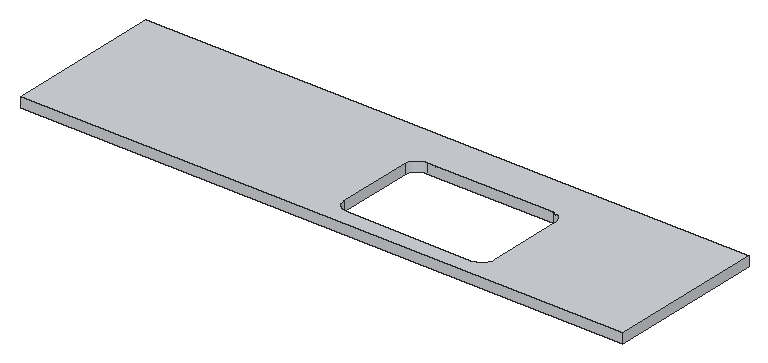
Revit family "AO_CW_UnderCounterSink", category Casework, Revit 2019
Family settings
  OmniClass Number = 23.40.35.17.47.11
  OmniClass Title = Kitchen Casework
  Work Plane-Based = No
  Always vertical = Yes
  Cut with Voids When Loaded = No
  Shared = Yes
  Room Calculation Point = No
Parameters (values of type "25" Depth")
  Wing Low Walls = no
  Sink2 [instance] = 4' - 0"
  Sink1 [instance] = 2' - 0"
  Length [instance] = 8' - 0"
  Island Low Walls = no
  Backsplash Visibility = no
  Assembly Code = "C1030400"
  Counter Thickness = 0' - 1 1/2"
  Counter Top Material = none
  Depth = 2' - 1"
  Height = 3' - 0"
Reference planes (in)
  plane 1 "Back": y = 0
  plane 2: z = 0
  plane 3 "Left": x = -47.2623
  plane 4 "Right": x = 48.7377
  plane 5 "Front": y = -25
  plane 6 "Top of Counter": z = 36
  plane 7 "Top Of Cabinet": z = 34.5
  plane 8: y = -0.75
  plane 9 "Top of Backsplash": z = 40
  plane 10: x = -46.5123
  plane 11: x = 0.7377
  plane 12: x = 24.7377
  plane 13: y = -22.5
  plane 14: y = -6.5
  plane 15: x = -46.2623
  plane 16: x = -41.5123
  plane 17: x = 47.7377
  plane 18: x = 42.9877
  plane 19: y = -24
  plane 20: y = -6
  plane 21: y = -5.75
  plane 22: z = 108
Forms (in)
  Extrusion 1, solid, material <- "Counter Top Material"
    sketch origin (0, 0, 0) x (1, 0, 0) y (0, 1, 0)
      loop
        line (-47.2623, 0) -> (-47.2623, -25) -> (48.7377, -25) -> (48.7377, 0) -> (-47.2623, 0)
      loop
        arc (2.7377, -6.5) -> (1.32349, -7.08579) -> (0.7377, -8.5) r 2
        line (0.7377, -8.5) -> (0.7377, -20.5)
        arc (0.7377, -20.5) -> (1.32349, -21.91421) -> (2.7377, -22.5) r 2
        line (2.7377, -22.5) -> (22.7377, -22.5)
        arc (22.7377, -22.5) -> (24.15192, -21.91421) -> (24.7377, -20.5) r 2
        line (24.7377, -20.5) -> (24.7377, -8.5)
        arc (24.7377, -8.5) -> (24.15192, -7.08579) -> (22.7377, -6.5) r 2
        line (22.7377, -6.5) -> (2.7377, -6.5)
    from 34.5 to 36
  Extrusion 2, solid, material <- "Counter Top Material", visible <- "Backsplash Visibility"
    sketch origin (0, 0, 0) x (1, 0, 0) y (0, 1, 0)
      loop
        line (48.7377, 0) -> (-47.2623, 0) -> (-47.2623, -0.75) -> (48.7377, -0.75) -> (48.7377, 0)
    from 36 to 40
  Extrusion 3, solid, material <- "Counter Top Material", visible <- "Backsplash Visibility"
    sketch origin (0, 0, 0) x (1, 0, 0) y (0, 1, 0)
      loop
        line (-47.2623, -0.75) -> (-47.2623, -25) -> (-46.5123, -25) -> (-46.5123, -0.75) -> (-47.2623, -0.75)
    from 36 to 40
Cuts and joins
  joined: Extrusion 2, Extrusion 3
Lines and regions (in)
  model lines, style "AO_HiddenUnderCounter", visible <- "Island Low Walls"
    curve 1: line (-41.5123, -24, 36) -> (-46.2623, -24, 36)
    curve 2: line (-46.2623, -24, 36) -> (-46.2623, -6, 36)
    curve 3: line (-46.2623, -6, 36) -> (47.7377, -6, 36)
    curve 4: line (47.7377, -6, 36) -> (47.7377, -24, 36)
    curve 5: line (47.7377, -24, 36) -> (42.9877, -24, 36)
  model lines, style "AO_HiddenUnderCounter", visible <- "Wing Low Walls"
    curve 6: line (-47.2623, -6, 36) -> (47.7377, -6, 36)
    curve 7: line (47.7377, -6, 36) -> (47.7377, -24, 36)
    curve 8: line (47.7377, -24, 36) -> (42.9877, -24, 36)
  symbolic lines
    curve 9: line (-47.2623, -25, 0) -> (48.7377, -25, 0)
    curve 10: line (48.7377, -25, 0) -> (48.7377, 0, 0)
    curve 11: line (48.7377, 0, 0) -> (-47.2623, 0, 0)
    curve 12: line (-47.2623, 0, 0) -> (-47.2623, -25, 0)
    curve 13: line (0.7377, -20.5, 0) -> (0.7377, -8.5, 0)
    curve 14: line (2.7377, -6.5, 0) -> (22.7377, -6.5, 0)
    curve 15: line (24.7377, -8.5, 0) -> (24.7377, -20.5, 0)
    curve 16: line (22.7377, -22.5, 0) -> (2.7377, -22.5, 0)
  symbolic lines, style "InvisibleLines"
    curve 17: line (-7.2623, -25, 0) -> (-7.2623, -25, 108)
Dimensions and locks (in)
  "Depth": plane 5 "Front" to plane 1 "Back"
  "Length": plane 3 "Left" to plane 4 "Right"
  "Height": level to plane 6 "Top of Counter"
  "Counter Thickness": plane 7 "Top Of Cabinet" to plane 6 "Top of Counter"
  locked: plane 8 to plane 1 "Back" at 0.75
  plane 6 "Top of Counter" to plane 9 "Top of Backsplash" = 0' - 4"
  locked: plane 3 "Left" to plane 10 at 0.75
  "Sink1": plane 12 to plane 4 "Right"
  "Sink2": plane 11 to plane 4 "Right"
  plane 5 "Front" to plane 13 to plane 14 = 0' - 2 1/2", 1' - 4"
  plane 3 "Left" to plane 15 to plane 16 = 0' - 1" locked, 0' - 4 3/4" locked
  plane 18 to plane 17 to plane 4 "Right" = 0' - 4 3/4" locked, 0' - 1" locked
  locked: plane 5 "Front" to plane 19 at 1
  plane 20 to plane 21 to plane 1 "Back" = 0' - 0 1/4" locked, 0' - 5 3/4" locked
  aligned and locked: plane 1 "Back" to Extrusion 1 sketch curve
  aligned and locked: plane 4 "Right" to Extrusion 1 sketch curve
  aligned and locked: Extrusion 1 sketch curve to plane 5 "Front"
  aligned and locked: Extrusion 1 sketch curve to plane 3 "Left"
  aligned and locked: Extrusion 1 to plane 6 "Top of Counter"
  aligned and locked: plane 7 "Top Of Cabinet" to Extrusion 1
  aligned and locked: Extrusion 2 sketch curve to plane 1 "Back"
  aligned and locked: plane 8 to Extrusion 2 sketch curve
  aligned and locked: Extrusion 2 sketch curve to plane 4 "Right"
  aligned and locked: plane 3 "Left" to Extrusion 2 sketch curve
  aligned and locked: Extrusion 2 to plane 9 "Top of Backsplash"
  aligned and locked: plane 6 "Top of Counter" to Extrusion 2
  aligned and locked: plane 10 to Extrusion 3 sketch curve
  aligned and locked: Extrusion 3 to plane 8
  aligned and locked: plane 3 "Left" to Extrusion 3
  aligned and locked: Extrusion 3 to plane 9 "Top of Backsplash"
  aligned and locked: plane 6 "Top of Counter" to Extrusion 3
  aligned and locked: Extrusion 1 to plane 12
  aligned and locked: plane 11 to Extrusion 1
  aligned and locked: Extrusion 3 sketch curve to plane 5 "Front"
  aligned and locked: plane 13 to Extrusion 1 sketch curve
  aligned and locked: Extrusion 1 sketch curve to plane 14
  aligned and locked: curve 2 to plane 15
  aligned and locked: curve 3 to plane 20
  aligned and locked: plane 19 to curve 1
  aligned and locked: plane 16 to curve 1
  aligned and locked: curve 4 to plane 17
  aligned and locked: curve 5 to plane 19
  aligned and locked: plane 18 to curve 5
  aligned and locked: plane 3 "Left" to curve 6
  aligned and locked: curve 6 to plane 20
  aligned and locked: plane 18 to curve 8
  aligned and locked: cut or joined group of Extrusion 2, Extrusion 3 to plane 1 "Back"
Automatic sketch dimensions
  Extrusion 1 sketch curve to plane 11 = 0' - 0"
  Extrusion 3 sketch curve to plane 3 "Left" = 0' - 0"
  plane 8 to Extrusion 3 sketch curve = 0' - 0"
  curve 17 to plane 22 = 0' - 0"
  curve 17 to level = 0' - 0"
  curve 17 to plane 11 = 0' - 8"
  curve 12 to plane 3 "Left" = 0' - 0"
  curve 13 to plane 11 = 0' - 0"
  curve 14 to plane 14 = 0' - 0"
  curve 15 to plane 12 = 0' - 0"
  curve 10 to plane 4 "Right" = 0' - 0"
  plane 5 "Front" to curve 9 = 0' - 0"
  plane 1 "Back" to curve 11 = 0' - 0"
  plane 11 to curve 16 = 0' - 2"
  plane 11 to curve 14 = 0' - 2"
  Extrusion 1 sketch curve to Extrusion 1 sketch curve = 0' - 2"  (x4)
  Extrusion 1 sketch curve to plane 12 = 0' - 0"
  curve 16 to plane 13 = 0' - 0"
  curve 14 to plane 12 = 0' - 2"
  curve 16 to plane 12 = 0' - 2"
  plane 13 to curve 15 = 0' - 2"
  plane 13 to curve 13 = 0' - 2"
  curve 13 to plane 14 = 0' - 2"
  curve 15 to plane 14 = 0' - 2"
